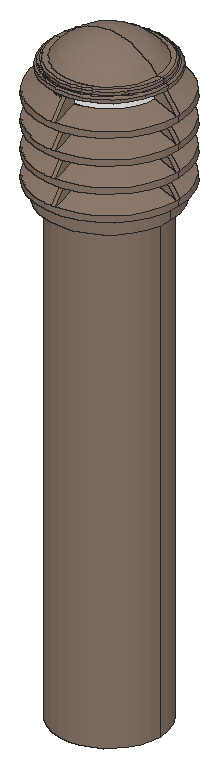
Revit family "BL6040", category Generic Models, Revit 2014
Parameters
  TOP CAP = Bronze
  LENS = Acrylic
  DISK LOUVERS = Bronze
  BODY = Bronze
Reference planes (in)
  plane 1 "Center (Front/Back)": y = 0
  plane 2: z = 0
  plane 3 "Center (Left/Right)": x = 0
Forms (in)
  Revolve 1, solid, material "Bronze" <- "BODY"
    sketch origin (0, 0, 0) x (1, 0, 0) y (0, 0, 1)
      loop
        line (0, 31.13604) -> (0, 0) -> (3.3125, 0) -> (3.3125, 30.13604) -> (4, 30.13604) -> (4, 31.13604) -> (0, 31.13604)
      axis (0, 31.13604) -> (0, 0)
    angle from 0 to 360
  Revolve 2, solid, material "Bronze" <- "DISK LOUVERS"
    sketch origin (0, 0, 0) x (1, 0, 0) y (0, 0, 1)
      loop
        line (3.0625, 32.01104) -> (0, 32.01104) -> (0, 31.13604) -> (4.5, 31.13604) -> (4.48748, 31.49465) -> (3.0625, 32.01104)
      axis (0, 31.13604) -> (0, 32.01104)
    angle from 0 to 360
  Revolve 3, solid, material "Bronze" <- "DISK LOUVERS"
    sketch origin (0, 0, 1.625) x (1, 0, 0) y (0, 0, 1)
      loop
        line (3.0625, 32.01104) -> (0, 32.01104) -> (0, 31.13604) -> (4.5, 31.13604) -> (4.48748, 31.49465) -> (3.0625, 32.01104)
      axis (0, 31.13604) -> (0, 32.01104)
    angle from 0 to 360
  Revolve 4, solid, material "Bronze" <- "DISK LOUVERS"
    sketch origin (0, 0, 3.25) x (1, 0, 0) y (0, 0, 1)
      loop
        line (3.0625, 32.01104) -> (0, 32.01104) -> (0, 31.13604) -> (4.5, 31.13604) -> (4.48748, 31.49465) -> (3.0625, 32.01104)
      axis (0, 31.13604) -> (0, 32.01104)
    angle from 0 to 360
  Revolve 5, solid, material "Bronze" <- "DISK LOUVERS"
    sketch origin (0, 0, 4.875) x (1, 0, 0) y (0, 0, 1)
      loop
        line (3.0625, 32.01104) -> (0, 32.01104) -> (0, 31.13604) -> (4.5, 31.13604) -> (4.48748, 31.49465) -> (3.0625, 32.01104)
      axis (0, 31.13604) -> (0, 32.01104)
    angle from 0 to 360
  Revolve 6, solid, material "Bronze" <- "TOP CAP"
    sketch origin (0, 0, 0) x (1, 0, 0) y (0, 0, 1)
      loop
        line (0, 37.63604) -> (3.79998, 37.63604) -> (3.79304, 37.83673)
        arc (3.79304, 37.83673) -> (3.75776, 37.91602) -> (3.6773, 37.94854) r 0.11581
        line (3.6773, 37.94854) -> (3.53125, 37.94854) -> (3.52534, 38.11926)
        arc (3.52534, 38.11926) -> (3.49815, 38.18036) -> (3.43615, 38.20542) r 0.08925
        line (3.43615, 38.20542) -> (3.09344, 38.20542)
        arc (3.09344, 38.20542) -> (1.72807, 39.34004) -> (0, 39.7467) r 3.875
        line (0, 39.7467) -> (0, 37.63604)
      axis (0, 37.63604) -> (0, 39.7467)
    angle from 0 to 360
  Extrusion 7, solid, material "Bronze" <- "DISK LOUVERS"
    sketch origin (0, 0, 0) x (1, 0, 0) y (0, 0, 1)
      loop
        line (3.08869, 37.63604) -> (3.0625, 36.88604) -> (4.48748, 36.36965) -> (3.51137, 37.63604) -> (3.08869, 37.63604)
    from -0.125 to 0.125
  Extrusion 8, solid, material "Bronze" <- "DISK LOUVERS"
    sketch origin (0, 0, -1.625) x (1, 0, 0) y (0, 0, 1)
      loop
        line (3.08869, 37.63604) -> (3.0625, 36.88604) -> (4.48748, 36.36965) -> (3.51137, 37.63604) -> (3.08869, 37.63604)
    from -0.125 to 0.125
  Extrusion 9, solid, material "Bronze" <- "DISK LOUVERS"
    sketch origin (0, 0, -3.25) x (1, 0, 0) y (0, 0, 1)
      loop
        line (3.08869, 37.63604) -> (3.0625, 36.88604) -> (4.48748, 36.36965) -> (3.51137, 37.63604) -> (3.08869, 37.63604)
    from -0.125 to 0.125
  Extrusion 10, solid, material "Bronze" <- "DISK LOUVERS"
    sketch origin (0, 0, -4.875) x (1, 0, 0) y (0, 0, 1)
      loop
        line (3.08869, 37.63604) -> (3.0625, 36.88604) -> (4.48748, 36.36965) -> (3.51137, 37.63604) -> (3.08869, 37.63604)
    from -0.125 to 0.125
  Extrusion 11, solid, material "Bronze" <- "DISK LOUVERS"
    sketch origin (0, 0, -4.87502) x (-1, 0, 0) y (0, 0, -1)
      loop
        line (3.08869, -37.63604) -> (3.51137, -37.63604) -> (4.48748, -36.36965) -> (3.0625, -36.88604) -> (3.08869, -37.63604)
    from -0.125 to 0.125
  Extrusion 12, solid, material "Bronze" <- "DISK LOUVERS"
    sketch origin (0, 0, -3.25002) x (-1, 0, 0) y (0, 0, -1)
      loop
        line (3.08869, -37.63604) -> (3.51137, -37.63604) -> (4.48748, -36.36965) -> (3.0625, -36.88604) -> (3.08869, -37.63604)
    from -0.125 to 0.125
  Extrusion 13, solid, material "Bronze" <- "DISK LOUVERS"
    sketch origin (0, 0, -1.62502) x (-1, 0, 0) y (0, 0, -1)
      loop
        line (3.08869, -37.63604) -> (3.51137, -37.63604) -> (4.48748, -36.36965) -> (3.0625, -36.88604) -> (3.08869, -37.63604)
    from -0.125 to 0.125
  Extrusion 14, solid, material "Bronze" <- "DISK LOUVERS"
    sketch origin (0, 0, -0.00002) x (-1, 0, 0) y (0, 0, -1)
      loop
        line (3.08869, -37.63604) -> (3.51137, -37.63604) -> (4.48748, -36.36965) -> (3.0625, -36.88604) -> (3.08869, -37.63604)
    from -0.125 to 0.125
  Extrusion 15, solid, material "Bronze" <- "DISK LOUVERS"
    sketch origin (0, 0, 0) x (0, -1, 0) y (0, 0, 1)
      loop
        line (3.08869, 37.63604) -> (3.0625, 36.88604) -> (4.48748, 36.36965) -> (3.51137, 37.63604) -> (3.08869, 37.63604)
    from -0.125 to 0.125
  Extrusion 16, solid, material "Bronze" <- "DISK LOUVERS"
    sketch origin (0, 0, -1.625) x (0, -1, 0) y (0, 0, 1)
      loop
        line (3.08869, 37.63604) -> (3.0625, 36.88604) -> (4.48748, 36.36965) -> (3.51137, 37.63604) -> (3.08869, 37.63604)
    from -0.125 to 0.125
  Extrusion 17, solid, material "Bronze" <- "DISK LOUVERS"
    sketch origin (0, 0, -3.25) x (0, -1, 0) y (0, 0, 1)
      loop
        line (3.08869, 37.63604) -> (3.0625, 36.88604) -> (4.48748, 36.36965) -> (3.51137, 37.63604) -> (3.08869, 37.63604)
    from -0.125 to 0.125
  Extrusion 18, solid, material "Bronze" <- "DISK LOUVERS"
    sketch origin (0, 0, -4.875) x (0, -1, 0) y (0, 0, 1)
      loop
        line (3.08869, 37.63604) -> (3.0625, 36.88604) -> (4.48748, 36.36965) -> (3.51137, 37.63604) -> (3.08869, 37.63604)
    from -0.125 to 0.125
  Extrusion 19, solid, material "Bronze" <- "DISK LOUVERS"
    sketch origin (0, 0, -4.87502) x (0, 1, 0) y (0, 0, -1)
      loop
        line (3.08869, -37.63604) -> (3.51137, -37.63604) -> (4.48748, -36.36965) -> (3.0625, -36.88604) -> (3.08869, -37.63604)
    from -0.125 to 0.125
  Extrusion 20, solid, material "Bronze" <- "DISK LOUVERS"
    sketch origin (0, 0, -3.25002) x (0, 1, 0) y (0, 0, -1)
      loop
        line (3.08869, -37.63604) -> (3.51137, -37.63604) -> (4.48748, -36.36965) -> (3.0625, -36.88604) -> (3.08869, -37.63604)
    from -0.125 to 0.125
  Extrusion 21, solid, material "Bronze" <- "DISK LOUVERS"
    sketch origin (0, 0, -1.62502) x (0, 1, 0) y (0, 0, -1)
      loop
        line (3.08869, -37.63604) -> (3.51137, -37.63604) -> (4.48748, -36.36965) -> (3.0625, -36.88604) -> (3.08869, -37.63604)
    from -0.125 to 0.125
  Extrusion 22, solid, material "Bronze" <- "DISK LOUVERS"
    sketch origin (0, 0, -0.00002) x (0, 1, 0) y (0, 0, -1)
      loop
        line (3.08869, -37.63604) -> (3.51137, -37.63604) -> (4.48748, -36.36965) -> (3.0625, -36.88604) -> (3.08869, -37.63604)
    from -0.125 to 0.125
  Revolve 23, solid, material "Acrylic" <- "LENS"
    sketch origin (0, 0, 0) x (1, 0, 0) y (0, 0, 1)
      loop
        line (3, 37.63604) -> (0, 37.63604) -> (0, 31.13604) -> (3, 31.13604) -> (3, 37.63604)
      axis (0, 37.63604) -> (0, 31.13604)
    angle from 0 to 360
Dimensions and locks (in)
  aligned and locked: plane 2 to level
